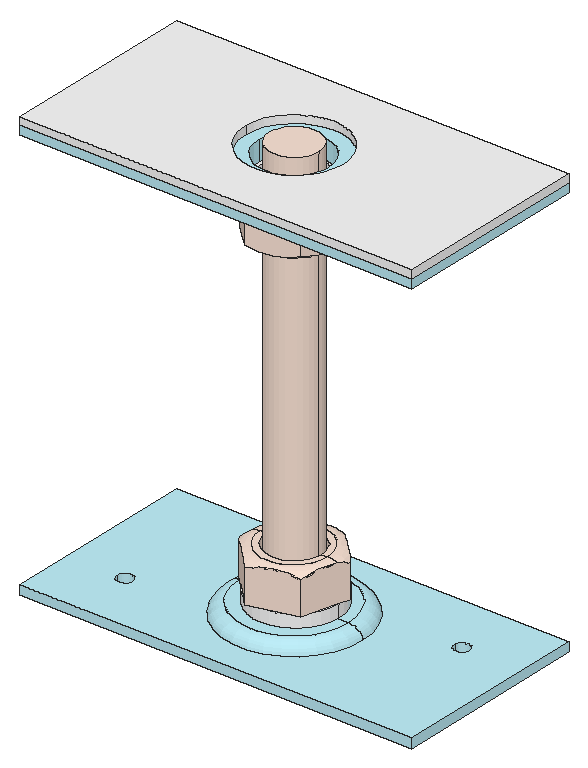
Revit family "gtqueen_outdoor_plate", category 機械設備, Revit 2022
Family settings
  丸型コネクタ寸法 = 直径を使用
  種別 = なし
  パーツ タイプ = 標準
  作業面ベース = いいえ
  常に垂直 = はい
  ロード時にボイドで切り取り = いいえ
  注釈の向きを維持 = いいえ
  共有 = いいえ
  部屋計算ポイント = いいえ
Parameters
  製造元 = "株式会社桐井製作所"
  既定の高さ = 0 mm
  URL = "https://www.kirii.co.jp/"
  K_名称 = "GTアウトドアクイーンプレートタイプ"
  K_備考 = "ボルト長さ60mm~250mmまで対応"
  K_バージョン情報 = "20221219"
Reference planes
  plane 1 "中心(正面/背面)": y = 0
  plane 2: z = 0
  plane 3 "中心(左/右)": x = 0
Dimensions and locks
  aligned and locked: level to plane 2
Nested families
  nested 1: "クッションゴムGTクイーン用" at (0.038, 0, 107.3), type "クッションゴムGTクイーン用"
  nested 2: "1／2”ボルト(高耐食)" at (-0.038, 0, 0), type "1／2”ボルト(高耐食)"
    with K_長さ(mm) 110 mm
  nested 3: "1／2”ナット(高耐食)" at (0, 0, 8.2), type "1／2”ナット(高耐食)"
  nested 4: "1／2”ナット(高耐食)" at (0, 0, 99.1) x (1, 0, 0) z (0, 0, -1), type "1／2”ナット(高耐食)"
  nested 5: "受け金具GTクイーン用(高耐食)" at (0, 0, 0), type "受け金具GTクイーン用(高耐食)"
  nested 6: "1／2”スプリングワッシャー(高耐食)" at (0.076, 0.162, 5), type "1／2”スプリングワッシャー(高耐食)"
  nested 7: "1／2”スプリングワッシャー(高耐食)" at (0.076, 0.162, 99.1), type "1／2”スプリングワッシャー(高耐食)"
  nested 8: "受け金具GTクイーン用(高耐食)" at (0, 0, 107.3) x (1, 0, 0) z (0, 0, -1), type "受け金具GTクイーン用(高耐食)"
Definition of nested family "クッションゴムGTクイーン用"
  Parameters (values of type "クッションゴムGTクイーン用")
    Manufacturer = "株式会社桐井製作所"
    Default Elevation = 0 mm
    URL = "https://www.kirii.co.jp/"
    K_材質 = "天然ゴム"
    K_名称 = "クッションゴムGTクイーン用"
    K_単位質量(kg/個) = 0.013
    K_バージョン情報 = "20221219"
    K_JIS規格 = "JIS Ｋ 6386"
  Reference planes
    plane 1 "中心(正面/背面)": y = 0
    plane 2: z = 0
    plane 3 "中心(左/右)": x = 0
  Forms (mm)
    Extrusion 1, solid
      sketch origin (0, 0, -108.4) x (-1, 0, 0) y (0, 0, 1)
        loop
          line (50, 108.4) -> (50, 110.4) -> (-50, 110.4) -> (-50, 108.4) -> (50, 108.4)
      from -25 to 25
    Extrusion 2, void
      sketch origin (0, 0, 0) x (1, 0, 0) y (0, 1, 0)
        loop
          circle (0, 0) r 12.5
      from 0 to 2
  Cuts and joins
    Extrusion 2 cuts Extrusion 1
  Dimensions and locks
    aligned and locked: level to plane 2
Definition of nested family "1／2”ボルト(高耐食)"
  Parameters (values of type "1／2”ボルト(高耐食)")
    Manufacturer = "株式会社桐井製作所"
    Default Elevation = 0 mm
    URL = "https://www.kirii.co.jp/"
    K_長さ(mm) [instance] = 100 mm
    K_材質 = "軟鋼線材"
    K_名称 = "1/2”ボルト(高耐食)"
    K_単位質量(㎏/mm) = 0.075
    K_バージョン情報 = "20221219"
    K_めっき付着量 = "高耐食複合焼付被膜"
    K_JIS規格 = "JIS G 3505　同等以上"
  Reference planes
    plane 1 "中心(正面/背面)": y = 0
    plane 2: z = 0
    plane 3 "中心(左/右)": x = 0
  Forms (mm)
    Extrusion 1, solid
      sketch origin (0.058, 0, 0) x (1, 0, 0) y (0, 1, 0)
        loop
          circle (-0.02, 0) r 6.35
      from 0 to 100
  Dimensions and locks
    "K_長さ(mm)": Extrusion 1 to Extrusion 1
    aligned and locked: level to plane 2
  Automatic sketch dimensions
    plane 1 "中心(正面/背面)" to Extrusion 1 sketch curve = 0 mm
    plane 3 "中心(左/右)" to Extrusion 1 sketch curve = 0.038 mm
    radius of Extrusion 1 sketch curve = 6.35 mm
Definition of nested family "1／2”ナット(高耐食)"
  Parameters (values of type "1／2”ナット(高耐食)")
    Manufacturer = "株式会社桐井製作所"
    Default Elevation = 0 mm
    URL = "https://www.kirii.co.jp/"
    K_表面処理 = "高耐食複合焼付被覆"
    K_材質 = "軟鋼線材 JIS G 3505 同等以上"
    K_名称 = "1/2\"ナット(高耐食)"
    K_単位質量(kg/個) = 0.021
    K_バージョン情報 = "20221219"
  Reference planes
    plane 1 "中心(正面/背面)": y = 0
    plane 2: z = 0
    plane 3 "中心(左/右)": x = 0
  Forms (mm)
    Revolve 1, solid
      sketch origin (0, 0, 2.36) x (1, 0, 0) y (0, 0, 1)
        loop
          line (7, 7.64) -> (7, -2.36) -> (13, -2.36) -> (13, 4.782)
          arc (13, 4.782) -> (11.208, 6.863) -> (8.573, 7.64) r 4.858
          line (8.573, 7.64) -> (7, 7.64)
        axis (0, 7.64) -> (0, -2.36)
      angle from 0 to 360
    Extrusion 2, void
      sketch origin (0, 0, 0) x (1, 0, 0) y (0, 1, 0)
        loop
          circle (0, 0) r 14
        loop
          line (3.138, 11.711) -> (-8.573, 8.573) -> (-11.711, -3.138) -> (-3.138, -11.711) -> (8.573, -8.573) -> (11.711, 3.138) -> (3.138, 11.711)
      from 0 to 10
  Cuts and joins
    Extrusion 2 cuts Revolve 1
  Dimensions and locks
    aligned and locked: level to plane 2
Definition of nested family "受け金具GTクイーン用(高耐食)"
  Parameters (values of type "受け金具GTクイーン用(高耐食)")
    Manufacturer = "株式会社桐井製作所"
    Default Elevation = 0 mm
    URL = "https://www.kirii.co.jp/"
    K_表面処理 = "K27"
    K_材質 = "溶融亜鉛めっき鋼板及び鋼帯 JIS G 3302"
    K_名称 = "GTクイーン用受け金具(高耐食)"
    K_バージョン情報 = "20221219"
  Reference planes
    plane 1 "中心(正面/背面)": y = 0
    plane 2: z = 0
    plane 3 "中心(左/右)": x = 0
  Forms (mm)
    Extrusion 1, solid
      sketch origin (0, 0, 0) x (1, 0, 0) y (0, 0, 1)
        loop
          line (-50, 2.3) -> (-50, 0) -> (50, 0) -> (50, 2.3) -> (-50, 2.3)
      from -25 to 25
    Revolve 2, solid
      sketch origin (0, 0, 0) x (1, 0, 0) y (0, 0, 1)
        loop
          line (0, 5) -> (0, 2.3) -> (17.5, 2.3)
          arc (17.5, 2.3) -> (16.21, 4.247) -> (14, 5) r 3.619
          line (14, 5) -> (0, 5)
        axis (0, 5) -> (0, 2.3)
      angle from 0 to 360
    Extrusion 3, void
      sketch origin (0, 0, 0) x (1, 0, 0) y (0, 1, 0)
        loop
          circle (-0.139, 0) r 9
      from 0 to 5
    Extrusion 4, void
      sketch origin (0, 0, 0) x (1, 0, 0) y (0, 1, 0)
        loop
          circle (-35.139, -10) r 2
        loop
          circle (34.861, 10) r 2
      from 0 to 2.3
  Cuts and joins
    Extrusion 3, Extrusion 4 cuts Extrusion 1
    Extrusion 3, Extrusion 4 cuts Revolve 2
    joined: Extrusion 1, Revolve 2
  Dimensions and locks
    aligned and locked: level to plane 2
Definition of nested family "1／2”スプリングワッシャー(高耐食)"
  Parameters (values of type "1／2”スプリングワッシャー(高耐食)")
    Manufacturer = "株式会社桐井製作所"
    Default Elevation = 0 mm
    URL = "https://www.kirii.co.jp/"
    K_表面処理 = "高耐食複合焼付被覆"
    K_材質 = "軟鋼線材 JIS G 3505 同等以上"
    K_名称 = "1/2”スプリングワッシャー(高耐食)"
    K_単位質量(kg/個) = 0.001
    K_バージョン情報 = "20221212"
  Reference planes
    plane 1 "中心(正面/背面)": y = 0
    plane 2: z = 0
    plane 3 "中心(左/右)": x = 0
  Forms (mm)
    Extrusion 1, solid
      sketch origin (0, 0, 0) x (1, 0, 0) y (0, 1, 0)
        loop
          circle (0, 0.162) r 11
        loop
          circle (0, 0.162) r 8
      from 0 to 3.2
  Dimensions and locks
    aligned and locked: level to plane 2
